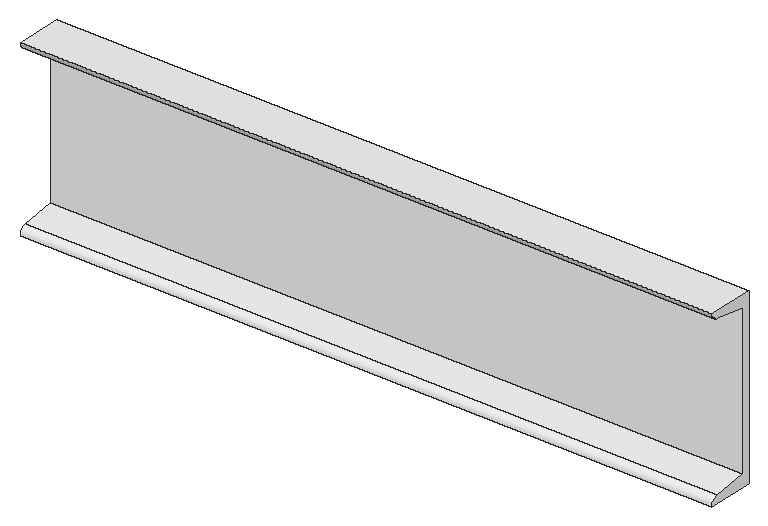
Revit family
Parameters (values of type "C310X45")
  시작 확장 계산 [instance] = 3012.5 mm + 시작 확장  # 3000 mm
  시작 확장 [instance] = -12.5 mm
  끝 확장 계산 [instance] = 3012.5 mm + 끝 확장  # 3000 mm
  끝 확장 [instance] = -12.5 mm
  보 재료 [instance] = 금속 - 스틸 - 345 MPa
  Assembly Code = ""
  A = 0.006 m²
  Length [instance] = 1524 mm
  W = 0.438
  bf = 80.5 mm
  d = 305 mm
  tf = 12.7 mm
  tw = 13 mm
  x = 17.1 mm
Types (2, lengths in mm): name | A | W | bf | d | tf | tw | x
  C310X45 | 0.006 m² | 0.438 | 80.5 | 305 | 12.7 | 13 | 17.1
  C380X50.4 | 0.00642 m² | 0.495 | 86.4 | 381 | 16.5 | 10.2 | 20
Reference planes
  plane 1 "중심(앞/뒤)": y = 0
  plane 2: z = 0
  plane 3 "중심(왼쪽/오른쪽)": x = 4.61
  plane 4 "왼쪽 부재": x = -604.99
  plane 5 "오른쪽 부재": x = 614.21
  plane 6: y = 17.1
  plane 7: y = -63.4
  plane 8 "상단": z = 152.5
  plane 9: z = -152.5
  plane 10 "왼쪽": x = -757.39
  plane 11 "오른쪽": x = 766.61
  plane 12: x = -604.99
  plane 13: x = 614.21
  plane 14: x = 2395.01
  plane 15: x = -2385.79
Forms (mm)
  Sweep 1, solid, material "금속 - 스틸 - 345 MPa" <- "보 재료", detail levels medium
    path origin (0, 0, 0) x (1, 0, 0) y (0, 1, 0)
      loop
        line (614.21, 0) -> (-604.99, 0)
    profile "M_C-채널-프로파일-중간 : M_C-채널-프로파일-중간" origin (4.61, 0, 0) x (0, -1, 0) y (0, 0, 1)
      loop
        line (-17.1, -152.5) -> (63.4, -152.5) -> (63.4, -139.8) -> (-4.1, -129.109) -> (-4.1, 129.109) -> (63.4, 139.8) -> (63.4, 152.5) -> (-17.1, 152.5) -> (-17.1, -152.5)
  Sweep 2, solid, material "금속 - 스틸 - 345 MPa" <- "보 재료", detail levels fine
    path origin (0, 0, 0) x (1, 0, 0) y (0, 1, 0)
      loop
        line (614.21, 0) -> (-604.99, 0)
    profile "M_C-채널-프로파일-섬세 : M_C-채널-프로파일-섬세" origin (4.61, 0, 0) x (0, -1, 0) y (0, 0, 1)
      loop
        line (-17.1, -152.5) -> (63.4, -152.5)
        arc (63.4, -152.5) -> (59.68, -143.52) -> (50.7, -139.8) r 12.7
        line (50.7, -139.8) -> (-4.1, -131.121) -> (-4.1, 131.121) -> (50.7, 139.8)
        arc (50.7, 139.8) -> (59.68, 143.52) -> (63.4, 152.5) r 12.7
        line (63.4, 152.5) -> (-17.1, 152.5) -> (-17.1, -152.5)
Lines and regions (mm)
  symbolic lines, style "숨겨진 면", detail levels medium+fine
    curve 1: line (-604.99, 0, 0) -> (614.21, 0, 0)
    curve 2: line (-604.99, 4.762, 131) -> (614.21, 4.762, 131)
    curve 3: line (-604.99, 4.763, -131) -> (614.21, 4.763, -131)
  symbolic lines, style "기호 부착", detail levels coarse
    curve 4: line (4.61, 17.1, 152.5) -> (4.61, -63.4, 152.5)
    curve 5: line (4.61, 17.1, -152.5) -> (4.61, 17.1, 152.5)
    curve 6: line (4.61, -63.4, -152.5) -> (4.61, 17.1, -152.5)
Dimensions and locks
  "bf": plane 6 to plane 7
  "d": plane 9 to plane 8 "상단"
  "x": plane 6 to plane 1 "중심(앞/뒤)"
  equal spacing: plane 9, plane 2, plane 8 "상단"
  "Length": plane 10 "왼쪽" to plane 11 "오른쪽"
  locked: plane 4 "왼쪽 부재" to plane 14 at 3000
  locked: plane 15 to plane 5 "오른쪽 부재" at 3000
  "시작 확장 계산": plane 12 to plane 14
  "끝 확장 계산": plane 15 to plane 13
  aligned and locked: Sweep 1 sketch curve to plane 1 "중심(앞/뒤)"
  aligned and locked: Sweep 2 sketch curve to plane 1 "중심(앞/뒤)"
  aligned and locked: curve 4 to Sweep 2
  aligned and locked: curve 5 to Sweep 2
  aligned and locked: Sweep 2 to curve 6
  aligned and locked: Sweep 1 to curve 4
  aligned and locked: curve 6 to Sweep 1
  aligned and locked: plane 12 to Sweep 2 sketch curve
  aligned and locked: plane 13 to Sweep 2 sketch curve
  aligned and locked: plane 12 to Sweep 1 sketch curve
  aligned and locked: plane 13 to Sweep 1 sketch curve
  aligned and locked: plane 12 to curve 1
  aligned and locked: plane 13 to curve 1
Automatic sketch dimensions
  curve 1 to plane 1 "중심(앞/뒤)" = 0 mm
  curve 3 to plane 4 "왼쪽 부재" = 0 mm
  curve 2 to plane 4 "왼쪽 부재" = 0 mm
  curve 3 to plane 5 "오른쪽 부재" = 0 mm
  curve 2 to plane 5 "오른쪽 부재" = 0 mm
  curve 3 to plane 9 = 21.5 mm
  plane 8 "상단" to curve 2 = 21.5 mm
